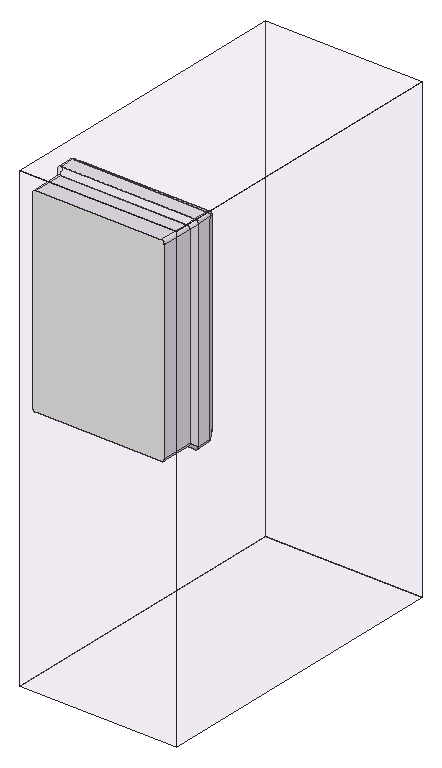
Revit family "CO2M - CO2, Temp & RH Monitor", category Electrical Fixtures, host Wall, Revit 2019
Family settings
  Host = Wall
  Maintain Annotation Orientation = No
  Round Connector Dimension = Use Diameter
  Part Type = Normal
  OmniClass Number = 23.80.00.00
  OmniClass Title = Electric Power and Lighting
  Always vertical = Yes
  Cut with Voids When Loaded = No
  Shared = No
  Room Calculation Point = No
Parameters (values of type "Type 1")
  Overall Width = 85 mm
  Overall Height = 125 mm
  Overall Depth = 36 mm
Reference planes
  plane 1: y = 0
  plane 2 "Center (Left/Right)": x = 125
  plane 3 "Back": y = 75
  plane 4: z = 1560
  plane 5: z = 1440
  plane 6: x = 85
  plane 7: x = 165
  plane 8: x = 167.5
  plane 9: x = 82.5
  plane 10: z = 1437.5
  plane 11: z = 1562.5
  plane 12: y = 106.5
  plane 13: y = 111
  plane 14: z = 1529.5
  plane 15: z = 1498.5
  plane 16: x = 104.5
  plane 17: x = 145.5
  plane 18 "Clearance Zone Left": x = 172.5
  plane 19 "Clearance Zone Right": x = 77.5
  plane 20 "Clearance Zone Top": z = 1567.5
  plane 21 "Clearance Zone Bottom": z = 1287.5
  plane 22 "Clearance Zone Front": y = 261
Forms (mm)
  Extrusion 1, solid, material "ABS Plastic - White"
    sketch origin (85, 75, 0) x (1, 0, 0) y (0, 0, -1)
      loop
        line (80, -1558) -> (80, -1442)
        arc (80, -1442) -> (79.414, -1440.586) -> (78, -1440) r 2
        line (78, -1440) -> (2, -1440)
        arc (2, -1440) -> (0.586, -1440.586) -> (0, -1442) r 2
        line (0, -1442) -> (0, -1558)
        arc (0, -1558) -> (0.586, -1559.414) -> (2, -1560) r 2
        line (2, -1560) -> (78, -1560)
        arc (78, -1560) -> (79.414, -1559.414) -> (80, -1558) r 2
    from 0 to 19
  Blend 2, solid, material "ABS Plastic - White"
    base sketch origin (85, 94, 0) x (1, 0, 0) y (0, 0, -1)
      loop
        line (80, -1558) -> (80, -1442)
        arc (80, -1442) -> (79.414, -1440.586) -> (78, -1440) r 2
        line (78, -1440) -> (2, -1440)
        arc (2, -1440) -> (0.586, -1440.586) -> (0, -1442) r 2
        line (0, -1442) -> (0, -1558)
        arc (0, -1558) -> (0.586, -1559.414) -> (2, -1560) r 2
        line (2, -1560) -> (78, -1560)
        arc (78, -1560) -> (79.414, -1559.414) -> (80, -1558) r 2
    top sketch origin (85, 94, 0) x (1, 0, 0) y (0, 0, -1)
      loop
        line (82.5, -1560.5) -> (82.5, -1439.5)
        arc (82.5, -1439.5) -> (81.914, -1438.086) -> (80.5, -1437.5) r 2
        line (80.5, -1437.5) -> (-0.5, -1437.5)
        arc (-0.5, -1437.5) -> (-1.914, -1438.086) -> (-2.5, -1439.5) r 2
        line (-2.5, -1439.5) -> (-2.5, -1560.5)
        arc (-2.5, -1560.5) -> (-1.914, -1561.914) -> (-0.5, -1562.5) r 2
        line (-0.5, -1562.5) -> (80.5, -1562.5)
        arc (80.5, -1562.5) -> (81.914, -1561.914) -> (82.5, -1560.5) r 2
    from 0 to 3.5
  Extrusion 3, solid, material "ABS Plastic - White"
    sketch origin (85, 97.5, 0) x (1, 0, 0) y (0, 0, -1)
      loop
        line (82.5, -1560.5) -> (82.5, -1439.5)
        arc (82.5, -1439.5) -> (81.914, -1438.086) -> (80.5, -1437.5) r 2
        line (80.5, -1437.5) -> (-0.5, -1437.5)
        arc (-0.5, -1437.5) -> (-1.914, -1438.086) -> (-2.5, -1439.5) r 2
        line (-2.5, -1439.5) -> (-2.5, -1560.5)
        arc (-2.5, -1560.5) -> (-1.914, -1561.914) -> (-0.5, -1562.5) r 2
        line (-0.5, -1562.5) -> (80.5, -1562.5)
        arc (80.5, -1562.5) -> (81.914, -1561.914) -> (82.5, -1560.5) r 2
    from 0 to 9
  Blend 4, solid, material "ABS Plastic - White"
    base sketch origin (85, 113, 0) x (1, 0, 0) y (0, 0, 1)
      loop
        arc (80, 1558) -> (79.414, 1559.414) -> (78, 1560) r 2
        line (78, 1560) -> (2, 1560)
        arc (2, 1560) -> (0.586, 1559.414) -> (0, 1558) r 2
        line (0, 1558) -> (0, 1442)
        arc (0, 1442) -> (0.586, 1440.586) -> (2, 1440) r 2
        line (2, 1440) -> (78, 1440)
        arc (78, 1440) -> (79.414, 1440.586) -> (80, 1442) r 2
        line (80, 1442) -> (80, 1558)
    top sketch origin (85, 113, 0) x (1, 0, 0) y (0, 0, 1)
      loop
        arc (82.5, 1560.5) -> (81.914, 1561.914) -> (80.5, 1562.5) r 2
        line (80.5, 1562.5) -> (-0.5, 1562.5)
        arc (-0.5, 1562.5) -> (-1.914, 1561.914) -> (-2.5, 1560.5) r 2
        line (-2.5, 1560.5) -> (-2.5, 1439.5)
        arc (-2.5, 1439.5) -> (-1.914, 1438.086) -> (-0.5, 1437.5) r 2
        line (-0.5, 1437.5) -> (80.5, 1437.5)
        arc (80.5, 1437.5) -> (81.914, 1438.086) -> (82.5, 1439.5) r 2
        line (82.5, 1439.5) -> (82.5, 1560.5)
    from 2 to 6.5
  Blend 5, void
    base sketch origin (85, 111, 0) x (1, 0, 0) y (0, 0, 1)
      loop
        line (60.5, 1529.5) -> (19.5, 1529.5) -> (19.5, 1498.5) -> (60.5, 1498.5) -> (60.5, 1529.5)
    top sketch origin (85, 111, 0) x (1, 0, 0) y (0, 0, 1)
      loop
        line (58, 1527) -> (22, 1527) -> (22, 1501) -> (58, 1501) -> (58, 1527)
    from 0 to 3.5
  Extrusion 6, solid, material "Glass"
    sketch origin (85, 107.5, 0) x (-1, 0, 0) y (0, 0, 1)
      loop
        line (-58, 1527) -> (-58, 1501) -> (-22, 1501) -> (-22, 1527) -> (-58, 1527)
    from 0 to 1
  Extrusion 7, solid, material "Clearance Zones"
    sketch origin (85, 107.5, 0) x (-1, 0, 0) y (0, 0, 1)
      loop
        line (-87.5, 1567.5) -> (-87.5, 1287.5) -> (7.5, 1287.5) -> (7.5, 1567.5) -> (-87.5, 1567.5)
    from -32.5 to 153.5
Cuts and joins
  Blend 5 cuts Blend 4
Text (mm)
  text "Placement side" at (-1867.185, 1116.779, 0), in view "Ref. Level"
  text "Placement side" at (0, 1270.507, 3001.832), in view "Left"
  text "Placement side" at (0, 530.812, 2999.686), in view "Right"
Dimensions and locks
  locked: plane 3 "Back" to host wall
  "Overall Width": plane 8 to plane 9
  "Overall Height": plane 10 to plane 11
  "Overall Depth": plane 3 "Back" to plane 13
  equal spacing: plane 8, plane 2 "Center (Left/Right)", plane 9, locked at 42.5 each
  locked: plane 19 "Clearance Zone Right" to Extrusion 3 at 5
  locked: Extrusion 3 to plane 20 "Clearance Zone Top" at 5
  locked: plane 8 to plane 18 "Clearance Zone Left" at 5
  locked: plane 21 "Clearance Zone Bottom" to plane 10 at 150
  plane 22 "Clearance Zone Front" to host wall = 186 mm
  aligned and locked: plane 1 to host wall
Automatic sketch dimensions
  Extrusion 1 sketch curve to plane 6 = 0 mm
  Extrusion 1 sketch curve to plane 4 = 0 mm
  Extrusion 1 sketch curve to plane 5 = 0 mm
  Extrusion 1 sketch curve to plane 7 = 0 mm
  Extrusion 1 sketch curve to Extrusion 1 sketch curve = 2 mm
  plane 6 to Extrusion 1 sketch curve = 2 mm
  Extrusion 1 sketch curve to plane 7 = 2 mm  (x2)
  Blend 2 sketch curve to plane 6 = 0 mm
  Blend 2 sketch curve to plane 4 = 0 mm
  Blend 2 sketch curve to plane 5 = 0 mm
  Blend 2 sketch curve to plane 7 = 0 mm
  Blend 2 sketch curve to Blend 2 sketch curve = 2 mm
  plane 6 to Blend 2 sketch curve = 2 mm
  Blend 2 sketch curve to plane 7 = 2 mm  (x2)
  Blend 2 sketch curve to plane 9 = 0 mm
  Blend 2 sketch curve to plane 11 = 0 mm
  Blend 2 sketch curve to plane 10 = 0 mm
  Blend 2 sketch curve to plane 8 = 0 mm
  plane 4 to Blend 2 sketch curve = 0.5 mm
  Blend 2 sketch curve to plane 6 = 0.5 mm
  plane 7 to Blend 2 sketch curve = 0.5 mm  (x2)
  Extrusion 3 sketch curve to plane 9 = 0 mm
  Extrusion 3 sketch curve to plane 11 = 0 mm
  Extrusion 3 sketch curve to plane 10 = 0 mm
  Extrusion 3 sketch curve to plane 8 = 0 mm
  plane 4 to Extrusion 3 sketch curve = 0.5 mm
  Extrusion 3 sketch curve to plane 6 = 0.5 mm
  plane 7 to Extrusion 3 sketch curve = 0.5 mm  (x2)
  Blend 4 sketch curve to plane 6 = 0 mm
  Blend 4 sketch curve to plane 4 = 0 mm
  Blend 4 sketch curve to plane 5 = 0 mm
  Blend 4 sketch curve to plane 7 = 0 mm
  Blend 4 sketch curve to Blend 4 sketch curve = 2 mm
  plane 6 to Blend 4 sketch curve = 2 mm
  Blend 4 sketch curve to plane 7 = 2 mm  (x2)
  Blend 4 sketch curve to plane 9 = 0 mm
  Blend 4 sketch curve to plane 11 = 0 mm
  Blend 4 sketch curve to plane 10 = 0 mm
  Blend 4 sketch curve to plane 8 = 0 mm
  plane 4 to Blend 4 sketch curve = 0.5 mm
  Blend 4 sketch curve to plane 6 = 0.5 mm
  plane 7 to Blend 4 sketch curve = 0.5 mm  (x2)
  Blend 4 to Blend 5 sketch curve = 19.5 mm  (x2)
  Blend 4 to Blend 5 sketch curve = 58.5 mm
  Blend 4 to Blend 5 sketch curve = 30.5 mm
  Blend 4 to Blend 5 sketch curve = 22 mm  (x2)
  Blend 4 to Blend 5 sketch curve = 59 mm
  Blend 5 sketch curve to Blend 5 sketch curve = 26 mm
  Extrusion 6 sketch curve to Blend 5 = 0 mm  (x4)
  Blend 5 to Extrusion 7 sketch curve = 29.5 mm  (x2)
  Blend 5 to Extrusion 7 sketch curve = 213.5 mm
  Blend 5 to Extrusion 7 sketch curve = 40.5 mm
Connectors
  electrical at (125, 75, 1500)
    settings: on Extrusion 1, index 1, voltage 240 V, apparent load 0 VA, apparent load phase1 3 VA, apparent load phase2 0 VA, apparent load phase3 0 VA, power factor 1, load classification "Power", number of poles 1, system type 31, power factor state 1, is connector primary yes, connector utility no, sub classification motor no, connector description ""
